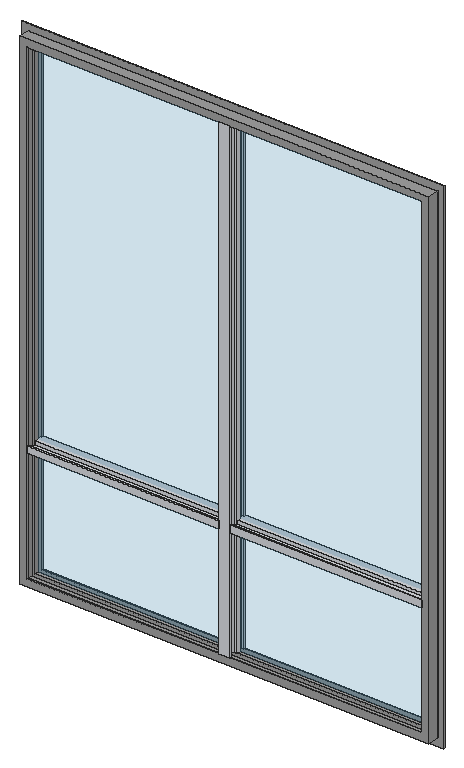
Revit family "Window_TypeA", category Windows, host Wall, Revit 2019
Family settings
  Host = Wall
  OmniClass Number = 23.30.20.00
  OmniClass Title = Windows
  Always vertical = Yes
  Cut with Voids When Loaded = No
  Shared = No
  Room Calculation Point = No
Parameters (values of type "5'-0" x 6'-0"")
  Vent Sq. Ft. [instance] = 0
  Uo Value [instance] = 0
  SHGC [instance] = 0
  Rough Width = Width + 0' 0 1/2"  # 5' - 0 1/2"
  Rough Height = Height + 0' 0 1/2"  # 6' - 0 1/2"
  Lower Pane Height = 1' - 6"
  Light Sq. Ft. [instance] = 0
  Height = 6' - 0"
  Default Sill Height = 2' - 0"
  Wall Closure = By host
  Width = 5' - 0"
  Analytic Construction = "<None>"
Types (2): name
  5'-0" x 6'-0"
  5'-0" x 6'-0" COMMON AREA
Reference planes (in)
  plane 1 "Center (Front/Back)": y = 0
  plane 2: z = 0
  plane 3 "Center (Left/Right)": x = 0
  plane 4 "Left": x = -30
  plane 5 "Right": x = 30
  plane 6 "Sill": z = 24
  plane 7 "Top": z = 96
  plane 8 "Exterior": y = 3
  plane 9: x = -29.4375
  plane 10: x = 29.4375
  plane 11: z = 95.4375
  plane 12: z = 24.5625
  plane 13 "glass inner": y = 1.8125
  plane 14 "glass outer": y = 3.3125
  plane 15: y = 1.5
  plane 16: y = 0
  plane 17: x = 29
  plane 18: x = -29
  plane 19: x = -30.75
  plane 20: x = 30.75
  plane 21: z = 42
  plane 22: x = -0.3125
  plane 23: x = 0.3125
Forms (in)
  Sweep 1, solid, material "Default"
    path origin (0, 3, 0) x (-1, 0, 0) y (0, 0, 1)
      loop
        line (-30, 96) -> (-30, 24) -> (30, 24) -> (30, 96) -> (-30, 96)
    profile "Window- outer frame : Window- outer frame" origin (0, 3, 96) x (0, 0, 1) y (0, 1, 0)
      loop
        line (0, 0) -> (1, 0) -> (1, 0.0625) -> (0, 0.0625) -> (0, 1.25) -> (-1, 1.25) -> (-1, 1.0625) -> (-0.5, 1.0625) -> (-0.5, 0.3125) -> (-1, 0.3125) -> (-1, -0.1875) -> (-0.5, -0.1875) -> (-0.5, -1.4375) -> (-1, -1.4375) -> (-1, -1.625) -> (0, -1.625) -> (0, 0)
  Extrusion 2, solid
    sketch origin (0, 3.3125, 0) x (-1, 0, 0) y (0, 0, 1)
      loop
        line (-29.5, 95.5) -> (-29.5, 42) -> (-0.3125, 42) -> (-0.3125, 95.5) -> (-29.5, 95.5)
      loop
        line (0.3125, 95.5) -> (0.3125, 42) -> (29.5, 42) -> (29.5, 95.5) -> (0.3125, 95.5)
    from 0 to 0.75
  Sweep 3, solid
    path origin (0, 3, 0) x (-1, 0, 0) y (0, 0, 1)
      loop
        line (-29, 42) -> (-0.75, 42)
    profile "Window- center mullion : Window- center mullion" origin (14.875, 3, 42) x (0, 0, 1) y (0, 1, 0)
      loop
        line (-0.5, 1.25) -> (-0.5, 1.0625) -> (0, 1.0625) -> (0, 0.3125) -> (-0.5, 0.3125) -> (-0.5, -1.625) -> (0.5, -1.625) -> (0.5, -1.4375) -> (0, -1.4375) -> (0, -0.1875) -> (0.5, -0.1875) -> (0.5, 1.25) -> (-0.5, 1.25)
  Extrusion 4, solid, material "Glass"
    sketch origin (0, 3.3125, 0) x (-1, 0, 0) y (0, 0, 1)
      loop
        line (-29.4375, 41.9375) -> (-29.4375, 24.5625) -> (-0.3125, 24.5625) -> (-0.3125, 41.9375) -> (-29.4375, 41.9375)
      loop
        line (0.3125, 41.9375) -> (0.3125, 24.5625) -> (29.4375, 24.5625) -> (29.4375, 41.9375) -> (0.3125, 41.9375)
    from 0 to 0.75
  Sweep 5, solid
    path origin (0, 3, 0) x (-1, 0, 0) y (0, 0, 1)
      loop
        line (0, 95) -> (0, 25)
    profile "Window- Center Frame Rail : Window- Center Frame Rail" origin (0, 3, 60) x (-1, 0, 0) y (0, 1, 0)
      loop
        line (0.75, 1.25) -> (-0.75, 1.25) -> (-0.75, 1.0625) -> (-0.25, 1.0625) -> (-0.25, 0.3125) -> (-0.75, 0.3125) -> (-0.75, -0.1875) -> (-0.25, -0.1875) -> (-0.25, -1.4375) -> (-0.75, -1.4375) -> (-0.75, -1.625) -> (0.75, -1.625) -> (0.75, -1.4375) -> (0.25, -1.4375) -> (0.25, -0.1875) -> (0.75, -0.1875) -> (0.75, 0.3125) -> (0.25, 0.3125) -> (0.25, 1.0625) -> (0.75, 1.0625) -> (0.75, 1.25)
  Sweep 6, solid
    path origin (0, 3, 0) x (-1, 0, 0) y (0, 0, 1)
      loop
        line (0.75, 42) -> (29, 42)
    profile "Window- center mullion : Window- center mullion" origin (-14.875, 3, 42) x (0, 0, 1) y (0, 1, 0)
      loop
        line (-0.5, 1.25) -> (-0.5, 1.0625) -> (0, 1.0625) -> (0, 0.3125) -> (-0.5, 0.3125) -> (-0.5, -1.625) -> (0.5, -1.625) -> (0.5, -1.4375) -> (0, -1.4375) -> (0, -0.1875) -> (0.5, -0.1875) -> (0.5, 1.25) -> (-0.5, 1.25)
Lines and regions (in)
  Opening 1
    outline origin (-60, -3, 0) x (1, 0, 0) y (0, 0, 1)
      loop
        line (30, 96) -> (30, 24) -> (90, 24) -> (90, 96) -> (30, 96)
  Masking region 1
    outline origin (0, 0, 24) x (0, -1, 0) y (1, 0, 0)
      loop
        line (3, -30) -> (3, 30) -> (-3, 30) -> (-3, 30.75) -> (-4.25, 30.75) -> (-4.25, -30.75) -> (-3, -30.75) -> (-3, -30) -> (3, -30)
  symbolic lines, style "WindowsOpeningProjection"
    curve 1: line (-29, 1.5625, 24) -> (-30, 1.5625, 24)
    curve 2: line (-29, 1.5625, 24) -> (-29, 0, 24)
    curve 3: line (-29, 0, 24) -> (-30, 0, 24)
    curve 4: line (29, 1.5, 24) -> (30, 1.5, 24)
    curve 5: line (29, 1.5, 24) -> (29, 0, 24)
    curve 6: line (29, 0, 24) -> (30, 0, 24)
    curve 7: line (29, 0.75, 24) -> (0.75, 0.75, 24)
    curve 12: line (-0.75, 0.75, 24) -> (-29, 0.75, 24)
  symbolic lines
    curve 8: line (-0.75, 1.5625, 0) -> (0.75, 1.5625, 0)
    curve 9: line (-0.75, 0, 0) -> (-0.75, 1.5625, 0)
    curve 10: line (0.75, 0, 0) -> (-0.75, 0, 0)
    curve 11: line (0.75, 1.5625, 0) -> (0.75, 0, 0)
    curve 13: line (-30, 3, 0) -> (30, 3, 0)
Text (in)
  text "EXTERIOR" at (-58.6888, 50.90694, 0), in view "Ref. Level"
  text "INTERIOR" at (-58.6888, -37.76638, 0), in view "Ref. Level"
  text "Exterior" at (0, 43.65631, 123.19604), in view "Left"
  text "Exterior" at (0, 18.29385, 125.04747), in view "Right"
Dimensions and locks (in)
  equal spacing: plane 4 "Left", plane 3 "Center (Left/Right)", plane 5 "Right"
  "Width": plane 4 "Left" to plane 5 "Right"
  "Height": plane 6 "Sill" to plane 7 "Top"
  "Default Sill Height": plane 2 to plane 6 "Sill"
  locked: plane 4 "Left" to plane 9 at 0.5625
  locked: plane 10 to plane 5 "Right" at 0.5625
  locked: plane 6 "Sill" to plane 12 at 0.5625
  locked: plane 11 to plane 7 "Top" at 0.5625
  locked: plane 8 "Exterior" to plane 13 "glass inner" at 1.1875
  locked: plane 14 "glass outer" to plane 8 "Exterior" at 0.3125
  locked: plane 8 "Exterior" to plane 15 at 1.5
  locked: plane 8 "Exterior" to plane 16 at 3
  locked: plane 4 "Left" to plane 18 at 1
  locked: plane 17 to plane 5 "Right" at 1
  locked: plane 5 "Right" to plane 20 at 0.75
  locked: plane 19 to plane 4 "Left" at 0.75
  "Lower Pane Height": plane 6 "Sill" to plane 21
  aligned and locked: plane 7 "Top" to Opening 1 sketch curve
  aligned and locked: plane 6 "Sill" to Opening 1 sketch curve  (x2)
  aligned and locked: plane 5 "Right" to Opening 1 sketch curve
  aligned and locked: plane 4 "Left" to Opening 1 sketch curve
  aligned and locked: level to plane 2
  aligned and locked: host wall to plane 8 "Exterior"
  aligned and locked: Masking region 1 sketch curve to Sweep 1
  aligned and locked: plane 10 to Extrusion 4 sketch curve
  aligned and locked: Extrusion 4 sketch curve to plane 12  (x2)
  aligned and locked: plane 9 to Extrusion 4 sketch curve
  aligned and locked: Sweep 1 to Extrusion 2 sketch curve  (x2)
  aligned and locked: Sweep 1 to curve 1
  aligned and locked: curve 10 to host wall
  aligned and locked: plane 23 to Extrusion 2 sketch curve
  aligned and locked: plane 22 to Extrusion 2 sketch curve
  aligned and locked: plane 23 to Extrusion 4 sketch curve
  aligned and locked: plane 22 to Extrusion 4 sketch curve
  aligned and locked: curve 11 to curve 7
  aligned and locked: curve 9 to curve 12
  aligned and locked: Extrusion 2 to Sweep 6
Automatic sketch dimensions
  plane 4 "Left" to Sweep 1 sketch curve = 0' - 0"
  Sweep 1 sketch curve to plane 6 "Sill" = 0' - 0"
  plane 5 "Right" to Sweep 1 sketch curve = 0' - 0"
  Sweep 1 sketch curve to plane 7 "Top" = 0' - 0"
  Masking region 1 sketch curve to plane 20 = 0' - 0"
  Masking region 1 sketch curve to plane 19 = 0' - 0"
  Masking region 1 sketch curve to host wall = 0' - 0"  (x2)
  Masking region 1 sketch curve to plane 5 "Right" = 0' - 0"
  host wall to Masking region 1 sketch curve = 0' - 0"
  Masking region 1 sketch curve to plane 4 "Left" = 0' - 0"
  Sweep 5 sketch curve to plane 12 = 0' - 0 7/16"
  plane 11 to Sweep 5 sketch curve = 0' - 0 7/16"
  Extrusion 2 sketch curve to plane 10 = 0' - 0 1/16"
  Extrusion 2 sketch curve to plane 11 = 0' - 0 1/16"
  curve 13 to host wall = 0' - 0"
  curve 13 to plane 4 "Left" = 0' - 0"
  curve 13 to plane 5 "Right" = 0' - 0"
  plane 15 to curve 8 = 0' - 0 1/16"
  Sweep 6 sketch curve to plane 21 = 0' - 0"
  Sweep 6 sketch curve to plane 18 = 0' - 0"
  plane 22 to Sweep 6 sketch curve = 0' - 0 7/16"
  Sweep 3 sketch curve to plane 17 = 0' - 0"
  Sweep 3 sketch curve to plane 21 = 0' - 0"
  plane 23 to Sweep 3 sketch curve = 0' - 0 7/16"
  Sweep 5 sketch curve to plane 3 "Center (Left/Right)" = 0' - 0"
  plane 15 to curve 5 = 0' - 0"
  curve 12 to plane 18 = 0' - 0"
  curve 7 to plane 17 = 0' - 0"
  host wall to curve 6 = 0' - 0"
  host wall to curve 2 = 0' - 0"
  curve 1 to plane 4 "Left" = 0' - 0"
  curve 3 to plane 4 "Left" = 0' - 0"
  curve 6 to plane 5 "Right" = 0' - 0"
  curve 4 to plane 5 "Right" = 0' - 0"
  curve 12 to host wall = 0' - 0 3/4"
  curve 7 to host wall = 0' - 0 3/4"
  plane 22 to curve 12 = 0' - 0 7/16"
  plane 23 to curve 7 = 0' - 0 7/16"
  Extrusion 2 sketch curve to plane 21 = 0' - 0"  (x2)
  Extrusion 4 sketch curve to plane 21 = 0' - 0 1/16"  (x2)
